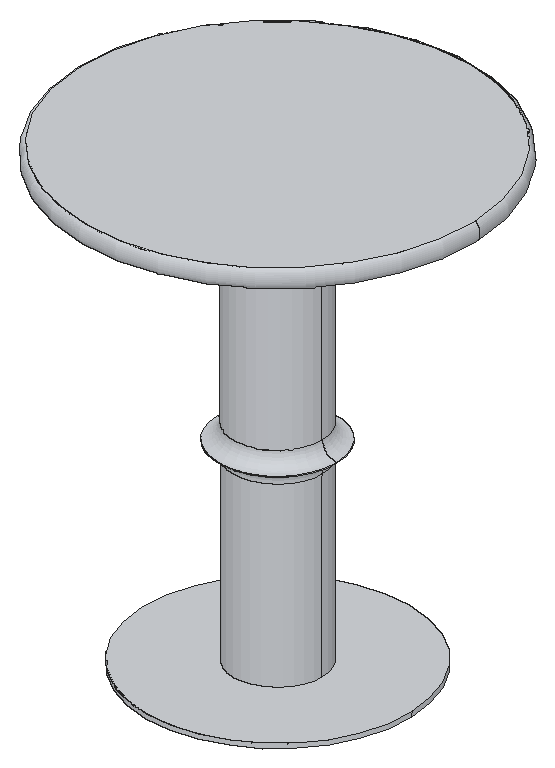
Revit family "MESA DE BISTRO 90", category Mobiliário, Revit 2024
Family settings
  Número OmniClass = 23.40.20.00
  Título OmniClass = General Furniture and Specialties
  Com base no plano de trabalho = Não
  Ativar corte nas vistas = Não
  Sempre na vertical = Sim
  Corte com vazios quando carregada = Não
  Origem da aparência de renderização = Geometria da família
  Compartilhado = Não
  Ponto de cálculo do ambiente = Não
Parameters
  METAL = none
  MATERIAL TAMPO [instance] = none
  MATERIAL PE [instance] = none
  Elevação padrão = 0 mm
Reference planes
  plane 1 "Centro (Frente/Trás)": y = 0
  plane 2: z = 0
  plane 3 "Centro (Esquerda/Direita)": x = 0
  plane 4: x = -920
  plane 5: x = 920
  plane 6: y = 747.177
  plane 7: y = -747.177
  plane 8: z = 300
Forms (mm)
  Sweep 1, solid
    path origin (0, 0, 1050) x (1, 0, 0) y (0, 1, 0)
      loop
        circle (0, 0) r 430
    profile origin (0, 430, 1050) x (0, -1, 0) y (0, 0, 1)
      loop
        line (0, 0) -> (-10, 0)
        spline (-10, 0) -> (-12.588, -0.681) -> (-15, -2.679) -> (-17.071, -5.858) -> (-18.66, -10) -> (-19.659, -14.824) -> (-20, -20) -> (-19.659, -25.176) -> (-18.66, -30) -> (-17.071, -34.142) -> (-15, -37.321) -> (-12.588, -39.319) -> (-10, -40)
        line (-10, -40) -> (0, -40) -> (0, 0)
  Extrusion 2, solid, material <- "METAL"
    sketch origin (-297.189, 204.587, 0) x (1, 0, 0) y (0, 1, 0)
      loop
        circle (297.189, -204.587) r 200
    from 0 to 10
  Extrusion 3, solid, material <- "METAL"
    sketch origin (-297.189, 204.587, 0) x (1, 0, 0) y (0, 1, 0)
      loop
        circle (297.189, -204.587) r 300
    from 20 to 10
  Extrusion 4, solid, material <- "METAL"
    sketch origin (-297.189, 204.587, 0) x (1, 0, 0) y (0, 1, 0)
      loop
        circle (297.189, -204.587) r 25
    from 905 to 1005
  Extrusion 5, solid, material <- "METAL"
    sketch origin (-297.189, 204.587, 0) x (1, 0, 0) y (0, 1, 0)
      loop
        circle (297.189, -204.587) r 100
    from 900 to 905
  Extrusion 6, solid, material <- "METAL"
    sketch origin (-297.189, 204.587, 0) x (1, 0, 0) y (0, 1, 0)
      loop
        circle (297.189, -204.587) r 100
    from 1005 to 1010
  Extrusion 7, solid
    sketch origin (-297.189, 204.587, 1010) x (1, 0, 0) y (0, 1, 0)
      loop
        circle (297.189, -204.587) r 430
    from 0 to 40
Cuts and joins
  joined: Sweep 1, Extrusion 7
Lines and regions (mm)
  symbolic lines
    curve 1: line (0, -154.587, 160.5) -> (0, -154.587, 159.5)
    curve 2: line (0, -154.587, 160) -> (0, -259.587, 160)
    curve 3: circle (0, 0, 0) r 500 normal (0, 0, 1)
Dimensions and locks
  equal spacing: plane 4, plane 3 "Centro (Esquerda/Direita)", plane 5
  equal spacing: plane 7, plane 1 "Centro (Frente/Trás)", plane 6
  plane 4 to plane 5 = 1840 mm
  plane 6 to plane 7 = 1494.354 mm
  plane 8 to plane 2 = 300 mm
  Sweep 1 to Sweep 1 to nested 1 to level = 40 mm, 110 mm, 900 mm
  aligned and locked: level to plane 2
Automatic sketch dimensions
  plane 1 "Centro (Frente/Trás)" to curve 2 = 259.587 mm
  curve 1 to plane 8 = 140.5 mm
  curve 2 to curve 2 = 105 mm
  curve 1 to curve 2 = 0.5 mm
  curve 2 to curve 1 = 0.5 mm
  profile plane to Sweep 1 sketch curve = 0 mm
  Sweep 1 sketch curve to profile plane = 0 mm
  profile plane to Sweep 1 sketch curve = 10 mm
  Sweep 1 sketch curve to profile plane = 40 mm
  Sweep 1 sketch curve to Sweep 1 sketch curve = 0 mm  (x3)
  plane 1 "Centro (Frente/Trás)" to Extrusion 2 sketch curve = 0 mm
  Extrusion 2 sketch curve to plane 3 "Centro (Esquerda/Direita)" = 0 mm
  plane 1 "Centro (Frente/Trás)" to Extrusion 3 sketch curve = 0 mm
  Extrusion 3 sketch curve to plane 3 "Centro (Esquerda/Direita)" = 0 mm
  plane 1 "Centro (Frente/Trás)" to Extrusion 4 sketch curve = 0 mm
  Extrusion 4 sketch curve to plane 3 "Centro (Esquerda/Direita)" = 0 mm
  plane 1 "Centro (Frente/Trás)" to Extrusion 5 sketch curve = 0 mm
  Extrusion 5 sketch curve to plane 3 "Centro (Esquerda/Direita)" = 0 mm
  plane 1 "Centro (Frente/Trás)" to Extrusion 6 sketch curve = 0 mm
  Extrusion 6 sketch curve to plane 3 "Centro (Esquerda/Direita)" = 0 mm
  plane 1 "Centro (Frente/Trás)" to curve 3 = 0 mm
  curve 3 to plane 3 "Centro (Esquerda/Direita)" = 0 mm
  plane 1 "Centro (Frente/Trás)" to Sweep 1 sketch curve = 0 mm
  Sweep 1 sketch curve to plane 3 "Centro (Esquerda/Direita)" = 0 mm
  Sweep 1 sketch curve to plane 3 "Centro (Esquerda/Direita)" = 430 mm
  radius of Extrusion 2 sketch curve = 200 mm
  radius of Extrusion 3 sketch curve = 300 mm
  radius of Extrusion 4 sketch curve = 25 mm
  radius of Extrusion 5 sketch curve = 100 mm
  radius of Extrusion 6 sketch curve = 100 mm
  radius of curve 3 = 500 mm
  radius of Extrusion 6 to Extrusion 7 sketch curve = 330 mm
Nested families
  nested 1: "PÉ 01 - PARAMETRICO_02" at (0, 0, 20), MATERIAL PE <- "MATERIAL PE", type "PÉ 01 - PARAMETRICO_120"
    with altura pé 880 mm, altura gomo 440 mm, MATERIAL PE none, Raio 100 mm, R22 67.667 mm, R2 33.333 mm
Definition of nested family "PÉ 01 - PARAMETRICO_02"
  Parameters (values of type "PÉ 01 - PARAMETRICO_120")
    altura pé [instance] = 500 mm
    altura gomo [instance] = 250 mm
    Raio = 60 mm
    R22 = 2 * R2 + 1 mm  # 41 mm
    R21 [instance] = 11 mm
    R2 = Raio / 3  # 20 mm
    MATERIAL PE [instance] = none
    Default Elevation = 0 mm
  Types (5, lengths in mm): name | Raio | R22 | R2
    PÉ 01 - PARAMETRICO_120 | 60 | 41 | 20
    PÉ 01 - D30 | 15 | 11 | 5
    PÉ 01 - D50 | 25 | 17.667 | 8.333
    PÉ 01 - D70 | 35 | 24.333 | 11.667
    PÉ 01 - D90cm | 45 | 31 | 15
  Reference planes
    plane 1 "Centro (Frente/Trás)": y = 0
    plane 2: z = 0
    plane 3 "Centro (Esquerda/Direita)": x = 0
    plane 4: z = 500
    plane 5: z = 250
  Forms (mm)
    Extrusion 1, solid, material <- "MATERIAL PE"
      sketch origin (0, 0, 0) x (1, 0, 0) y (0, 1, 0)
        loop
          circle (0, 0) r 60
      from 0 to 500
    Sweep 2, solid, material <- "MATERIAL PE"
      path origin (0, 0, 0) x (1, 0, 0) y (0, 1, 0)
        loop
          circle (0, 0) r 60
      profile origin (0, 60, 0) x (0, -1, 0) y (0, 0, 1)
        loop
          line (0, 229.5) -> (0, 270.5) -> (-20, 270.5) -> (-20, 229.5) -> (0, 229.5)
    Sweep 3, void
      path in 3D
        loop
          arc (80, 0, 270.5) -> (0, -80, 270.5) -> (-80, 0, 270.5) r 80
          arc (-80, 0, 270.5) -> (0, 80, 270.5) -> (80, 0, 270.5) r 80
      profile origin (0, 80, 270.5) x (0, 1, 0) y (0, 0, 1)
        loop
          line (0, 0) -> (-20, 0)
          arc (-20, 0) -> (-14.142, -14.142) -> (0, -20) r 20
          line (0, -20) -> (0, 0)
        loop
          line (0, -41) -> (0, -21)
          arc (0, -21) -> (-14.142, -26.858) -> (-20, -41) r 20
          line (-20, -41) -> (0, -41)
  Cuts and joins
    Sweep 3 cuts Extrusion 1
    Sweep 3 cuts Sweep 2
    joined: Extrusion 1, Sweep 2
  Lines and regions (mm)
    sketch lines
      curve 1: arc (-80, 0, 270.5) -> (0, 80, 270.5) -> (80, 0, 270.5) r 80
      curve 2: arc (80, 0, 270.5) -> (0, -80, 270.5) -> (-80, 0, 270.5) r 80
  Dimensions and locks
    plane 4 to plane 2 = 500 mm
    "altura pé": plane 4 to plane 2
    "altura gomo": plane 5 to level
    "R2": Sweep 2 sketch curve to Sweep 2 sketch curve
    equal spacing: Sweep 2 sketch curve, plane 5, Sweep 2 sketch curve
    "R22": Sweep 2 sketch curve to Sweep 2 sketch curve
    "Raio": radius of Extrusion 1 sketch curve
    "Raio": radius of Sweep 2 sketch curve
    "R2": radius of Sweep 3 sketch curve  (x2)
    aligned and locked: level to plane 2
    aligned and locked: plane 4 to Extrusion 1
  Automatic sketch dimensions
    plane 1 "Centro (Frente/Trás)" to Extrusion 1 sketch curve = 0 mm
    Extrusion 1 sketch curve to plane 3 "Centro (Esquerda/Direita)" = 0 mm
    Sweep 2 sketch curve to Sweep 2 sketch curve = 0 mm  (x2)
    plane 1 "Centro (Frente/Trás)" to Sweep 2 sketch curve = 0 mm
    Sweep 2 sketch curve to plane 3 "Centro (Esquerda/Direita)" = 0 mm
    Sweep 2 sketch curve to profile plane = 0 mm
    Sweep 3 sketch curve to profile plane = 0 mm  (x3)
    Sweep 3 sketch curve to Sweep 3 sketch curve = 1 mm
